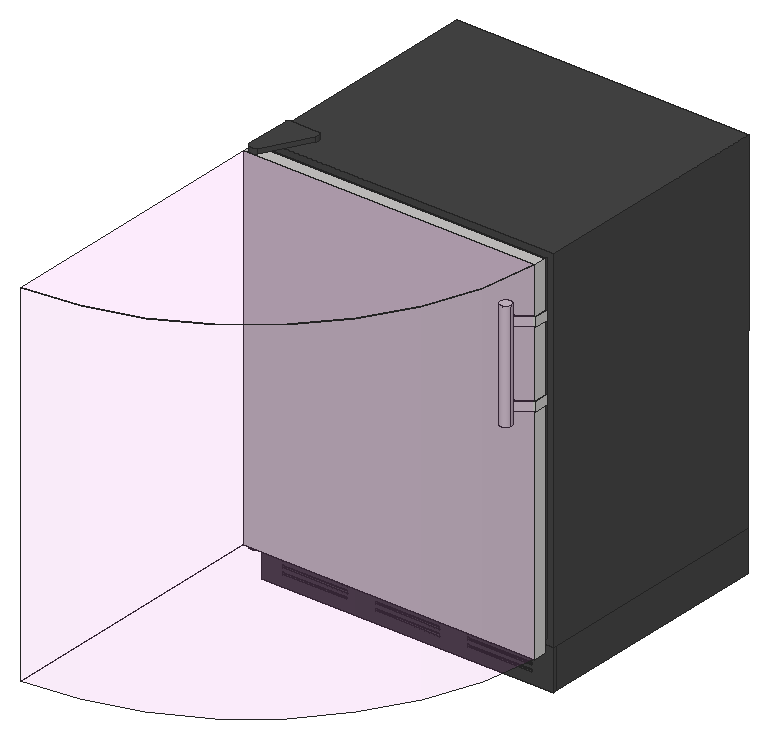
Revit family "QF_Summit_CT66BK2SS_Refrigerator-Freezer", category Specialty Equipment, Revit 2020
Family settings
  Round Connector Dimension = Use Diameter
  Part Type = Normal
  Work Plane-Based = No
  Always vertical = Yes
  Cut with Voids When Loaded = No
  Shared = No
  Room Calculation Point = No
Parameters
  Weight in Pounds = 100
  Watts = Volts * FL Amps  # 138 W
  Volts = 115 V
  URL Cutsheet = ""
  Specification by User = ""
  Specification by Manufacturer = ""
  Show LHD [instance] = yes
  Serial Number = ""
  Seismic Rating = ""
  SMACNA No = ""
  Right Hinged Door [instance] = not(Show LHD)  # no
  Revision Code = ""
  Refrigerant Volume = 0.00 kip
  Refrigerant Type = "R600a"
  Phase = 1
  Number of Poles = 1
  NAFEM Spec ID Number = ""
  Model = "CT66BK2SS"
  Min Ckt Ampacity = 0 A
  Max Overcurrent Protection = 0 A
  Masterspec = ""
  Manufacturer = "Summit"
  Length = 23 5/8"
  Item Number = ""
  Installed By = ""
  Identify Quantity as Lot = yes
  Height = 32.63"
  HP = ""
  Furnished By = ""
  Foodservice Equipment Identifier = yes
  FL Amps = 1.2 A
  Electrical Remarks = ""
  Electric Connection Type = ""
  Elec Conn RI Height = 0"
  Elec Conn Connection Height = 0"
  Description = "Refrigerator-Freezer"
  Depth = 22 3/8"
  Default Elevation = 0"
  Cycle = 60 Hz
  Conn Plug = ""
  Conn Conduit = yes
  CSI MasterFormat = ""
  BTUH = 0.0 Btu/h
  Apparent Power = if(Phase = 3, Volts * FL Amps * 1.73, Volts * FL Amps)  # 138 VA
Reference planes (in)
  plane 1 "BACK": y = 0
  plane 2: z = 0
  plane 3 "LEFT": x = 0
  plane 4 "RIGHT": x = 23.625
  plane 5 "FRONT": y = -22.375
  plane 6 "TOP": z = 32.63
  plane 7 "Center Y": x = 11.8125
  plane 8 "Center X": y = -11.1875
  plane 9: z = 32.255
  plane 10: y = -24
  plane 11: y = -45
  plane 12: y = -0.75
  plane 13: y = -20.5
  plane 14: z = 0.375
  plane 15: z = 3.625
  plane 16: x = 17.46169
Forms (in)
  Extrusion 1, solid, material "QF_Metallic_Paint_Black_Smooth"
    sketch origin (-4.07558, -180, 0.505) x (-1, 0, 0) y (0, -1, 0)
      loop
        line (-4.07558, -179.25) -> (-4.07558, -159.5) -> (-27.70058, -159.5) -> (-27.70058, -179.25) -> (-4.07558, -179.25)
    from 3.12 to 31.75
  Extrusion 2, solid, material "QF_Metal_Stainless_Polished"
    sketch origin (-5.77638, -180, 3.755) x (-1, 0, 0) y (0, -1, 0)
      loop
        line (-5.77638, -157.625) -> (-29.40138, -157.625) -> (-29.40138, -158.625) -> (-5.77638, -158.625) -> (-5.77638, -157.625)
    from -0.13 to 28.5
  Extrusion 3, solid, material "QF_Metallic_Paint_Black_Smooth"
    sketch origin (23.5, -21.375, 3.755) x (-1, 0, 0) y (0, 0, 1)
      loop
        line (0.375, 0.37) -> (23, 0.37) -> (23, 28) -> (0.375, 28) -> (0.375, 0.37)
    from 0 to 0.875
  Extrusion 4, solid, material "QF_Metallic_Paint_Black_Smooth", visible <- "Right Hinged Door"
    sketch origin (-5.77638, -180, 32.255) x (-1, 0, 0) y (0, -1, 0)
      loop
        arc (-29.27619, -161.7403) -> (-29.20297, -161.91708) -> (-29.02619, -161.9903) r 0.25
        line (-29.02619, -161.9903) -> (-26.9149, -161.9903)
        arc (-26.9149, -161.9903) -> (-26.55876, -161.78675) -> (-26.55339, -161.37658) r 0.41333
        line (-26.55339, -161.37658) -> (-28.47012, -157.91871)
        arc (-28.47012, -157.91871) -> (-28.95386, -157.71088) -> (-29.27619, -158.12717) r 0.42999
        line (-29.27619, -158.12717) -> (-29.27619, -161.7403)
    from 0 to 0.375
  Extrusion 5, solid, material "QF_Metal_Stainless_Polished", visible <- "Right Hinged Door"
    sketch origin (-1.6459, -180, 28.57544) x (-1, 0, 0) y (0, -1, 0)
      loop
        line (-1.6459, -158.625) -> (-1.5209, -158.625) -> (-1.5209, -157.55854) -> (-2.72981, -156.74311) -> (-3.38781, -156.74311) -> (-3.38781, -156.86811) -> (-2.76803, -156.86811) -> (-1.6459, -157.625) -> (-1.6459, -158.625)
    from 0 to -0.75
  Extrusion 6, solid, material "QF_Metal_Stainless_Polished", visible <- "Right Hinged Door"
    sketch origin (-4.89398, -180, 20.755) x (-1, 0, 0) y (0, -1, 0)
      loop
        circle (-6.30689, -156.43406) r 0.43516
    from 0 to 8.75
  Extrusion 7, solid, material "QF_Metal_Stainless_Polished", visible <- "Right Hinged Door"
    sketch origin (-1.6459, -180, 21.68456) x (0, 1, 0) y (1, 0, 0)
      loop
        line (158.625, 1.6459) -> (157.625, 1.6459) -> (156.86811, 2.76803) -> (156.86811, 3.38781) -> (156.74311, 3.38781) -> (156.74311, 2.72981) -> (157.55854, 1.5209) -> (158.625, 1.5209) -> (158.625, 1.6459)
    from 0 to -0.75
  Extrusion 8, solid, material "QF_Metallic_Paint_Black_Smooth", visible <- "Right Hinged Door"
    sketch origin (-5.77638, -180, 3.625) x (-1, 0, 0) y (0, -1, 0)
      loop
        line (-29.27619, -159.5) -> (-27.5936, -159.5) -> (-28.47012, -157.91871)
        arc (-28.47012, -157.91871) -> (-28.95386, -157.71088) -> (-29.27619, -158.12717) r 0.42999
        line (-29.27619, -158.12717) -> (-29.27619, -159.5)
    from 0 to -0.125
  Extrusion 9, solid, material "QF_Metallic_Paint_Black_Smooth"
    sketch origin (-12.48311, -20.5, 48.25) x (-1, 0, 0) y (0, 0, 1)
      loop
        line (-12.48311, -44.625) -> (-36.10811, -44.625) -> (-36.10811, -47.875) -> (-12.48311, -47.875) -> (-12.48311, -44.625)
      loop
        line (-14.18872, -45.26011) -> (-19.43872, -45.26011) -> (-19.43872, -45.51011) -> (-14.18872, -45.51011) -> (-14.18872, -45.26011)
      loop
        line (-14.18872, -45.76011) -> (-19.43872, -45.76011) -> (-19.43872, -46.01011) -> (-14.18872, -46.01011) -> (-14.18872, -45.76011)
      loop
        line (-14.18872, -46.26011) -> (-19.43872, -46.26011) -> (-19.43872, -46.51011) -> (-14.18872, -46.51011) -> (-14.18872, -46.26011)
      loop
        line (-14.18872, -46.76011) -> (-19.43872, -46.76011) -> (-19.43872, -47.01011) -> (-14.18872, -47.01011) -> (-14.18872, -46.76011)
      loop
        line (-21.67061, -45.26011) -> (-26.92061, -45.26011) -> (-26.92061, -45.51011) -> (-21.67061, -45.51011) -> (-21.67061, -45.26011)
      loop
        line (-21.67061, -45.76011) -> (-26.92061, -45.76011) -> (-26.92061, -46.01011) -> (-21.67061, -46.01011) -> (-21.67061, -45.76011)
      loop
        line (-21.67061, -46.26011) -> (-26.92061, -46.26011) -> (-26.92061, -46.51011) -> (-21.67061, -46.51011) -> (-21.67061, -46.26011)
      loop
        line (-21.67061, -46.76011) -> (-26.92061, -46.76011) -> (-26.92061, -47.01011) -> (-21.67061, -47.01011) -> (-21.67061, -46.76011)
      loop
        line (-34.40249, -45.26011) -> (-34.40249, -45.51011) -> (-29.15249, -45.51011) -> (-29.15249, -45.26011) -> (-34.40249, -45.26011)
      loop
        line (-34.40249, -45.76011) -> (-34.40249, -46.01011) -> (-29.15249, -46.01011) -> (-29.15249, -45.76011) -> (-34.40249, -45.76011)
      loop
        line (-34.40249, -46.26011) -> (-34.40249, -46.51011) -> (-29.15249, -46.51011) -> (-29.15249, -46.26011) -> (-34.40249, -46.26011)
      loop
        line (-34.40249, -46.76011) -> (-34.40249, -47.01011) -> (-29.15249, -47.01011) -> (-29.15249, -46.76011) -> (-34.40249, -46.76011)
    from 0 to 0.25
  Extrusion 10, solid, material "QF_Metallic_Paint_Black_Smooth"
    sketch origin (-12.48311, -1, 48.38) x (-1, 0, 0) y (0, 0, 1)
      loop
        line (-12.48311, -44.755) -> (-36.10811, -44.755) -> (-36.10811, -48.005) -> (-12.48311, -48.005) -> (-12.48311, -44.755)
    from -19.25 to 0.25
  Extrusion 11, solid, material "QF_Metallic_Paint_Black_Smooth"
    sketch origin (-4.07558, -180, 0.375) x (-1, 0, 0) y (0, -1, 0)
      loop
        circle (-7.18598, -161.5) r 0.5
      loop
        circle (-7.18598, -177.25) r 0.5
      loop
        circle (-24.59018, -161.5) r 0.5
      loop
        circle (-24.59018, -177.25) r 0.5
    from 0 to -0.375
  Extrusion 12, solid, material "QF_Metal_Stainless_Polished"
    sketch origin (0, -0.75, 0.505) x (1, 0, 0) y (0, 0, -1)
      loop
        circle (17.46169, -0.84184) r 0.25
    from 0 to 0.25
  Extrusion 13, solid, material "QF_Metallic_Paint_Black_Smooth"
    sketch origin (0, -0.75, 18.005) x (0, -1, 0) y (1, 0, 0)
      loop
        line (-0.75, 9.30778) -> (0, 9.30778) -> (0, 14.31722) -> (-0.75, 14.31722) -> (-0.75, 9.30778)
    from -3 to 3
  Extrusion 14, solid, material "QF_Clearances_Door_Drawer", visible <- "Right Hinged Door"
    sketch origin (-5.77638, -180, 3.625) x (0, -1, 0) y (-1, 0, 0)
      loop
        line (-157.625, -29.40138) -> (-135, -29.40138)
        arc (-135, -29.40138) -> (-141.73517, -13.2053) -> (-157.625, -5.77638) r 24.27307
        line (-157.625, -5.77638) -> (-157.625, -29.40138)
    from 0 to -28.63
  Extrusion 15, solid, material "QF_Metallic_Paint_Black_Smooth", visible <- "Show LHD"
    sketch origin (29.40138, -180, 32.255) x (1, 0, 0) y (0, 1, 0)
      loop
        line (-29.27619, 161.7403) -> (-29.27619, 158.12717)
        arc (-29.27619, 158.12717) -> (-28.95386, 157.71088) -> (-28.47012, 157.91871) r 0.42999
        line (-28.47012, 157.91871) -> (-26.55339, 161.37658)
        arc (-26.55339, 161.37658) -> (-26.55876, 161.78675) -> (-26.9149, 161.9903) r 0.41333
        line (-26.9149, 161.9903) -> (-29.02619, 161.9903)
        arc (-29.02619, 161.9903) -> (-29.20297, 161.91708) -> (-29.27619, 161.7403) r 0.25
    from 0 to 0.375
  Extrusion 16, solid, material "QF_Metal_Stainless_Polished", visible <- "Show LHD"
    sketch origin (25.2709, -180, 28.57544) x (1, 0, 0) y (0, 1, 0)
      loop
        line (-1.6459, 158.625) -> (-1.6459, 157.625) -> (-2.76803, 156.86811) -> (-3.38781, 156.86811) -> (-3.38781, 156.74311) -> (-2.72981, 156.74311) -> (-1.5209, 157.55854) -> (-1.5209, 158.625) -> (-1.6459, 158.625)
    from 0 to -0.75
  Extrusion 17, solid, material "QF_Metal_Stainless_Polished", visible <- "Show LHD"
    sketch origin (28.51898, -180, 20.755) x (1, 0, 0) y (0, 1, 0)
      loop
        circle (-6.30689, 156.43406) r 0.43516
    from 0 to 8.75
  Extrusion 18, solid, material "QF_Metal_Stainless_Polished", visible <- "Show LHD"
    sketch origin (25.2709, -180, 21.68456) x (0, -1, 0) y (-1, 0, 0)
      loop
        line (-158.625, 1.6459) -> (-158.625, 1.5209) -> (-157.55854, 1.5209) -> (-156.74311, 2.72981) -> (-156.74311, 3.38781) -> (-156.86811, 3.38781) -> (-156.86811, 2.76803) -> (-157.625, 1.6459) -> (-158.625, 1.6459)
    from 0 to -0.75
  Extrusion 19, solid, material "QF_Clearances_Door_Drawer", visible <- "Show LHD"
    sketch origin (29.40138, -180, 3.625) x (0, 1, 0) y (1, 0, 0)
      loop
        line (157.625, -29.40138) -> (157.625, -5.77638)
        arc (157.625, -5.77638) -> (141.73517, -13.2053) -> (135, -29.40138) r 24.27307
        line (135, -29.40138) -> (157.625, -29.40138)
    from 0 to -28.63
  Extrusion 20, solid, material "QF_Metallic_Paint_Black_Smooth", visible <- "Show LHD"
    sketch origin (29.40138, -180, 3.625) x (1, 0, 0) y (0, 1, 0)
      loop
        line (-29.27619, 159.5) -> (-29.27619, 158.12717)
        arc (-29.27619, 158.12717) -> (-28.95386, 157.71088) -> (-28.47012, 157.91871) r 0.42999
        line (-28.47012, 157.91871) -> (-27.5936, 159.5) -> (-29.27619, 159.5)
    from 0 to -0.125
Lines and regions (in)
  symbolic lines
    curve 1: line (0, -0.75, 0) -> (23.625, -0.75, 0)
    curve 2: line (0, -20.5, 0) -> (0, -0.75, 0)
    curve 3: line (23.625, -20.5, 0) -> (23.49982, -20.5, 0)
    curve 4: line (23.625, -0.75, 0) -> (23.625, -20.5, 0)
    curve 5: line (21.81722, -20.5, 0) -> (1.80778, -20.5, 0)
    curve 12: line (23.625, -22.375, 0) -> (0, -22.375, 0)
    curve 14: line (23.625, -21.375, 0) -> (23.49982, -21.375, 0)
    curve 15: line (23.625, -22.375, 0) -> (23.625, -21.375, 0)
    curve 16: line (22.30224, -21.375, 0) -> (1.32276, -21.375, 0)
    curve 28: line (9.30778, -0.75, 0) -> (9.30778, 0, 0)
    curve 29: line (9.30778, 0, 0) -> (14.31722, 0, 0)
    curve 30: line (14.31722, 0, 0) -> (14.31722, -0.75, 0)
    curve 39: line (0.12518, -20.5, 0) -> (0, -20.5, 0)
    curve 41: line (0.12518, -21.375, 0) -> (0, -21.375, 0)
  symbolic lines, visible <- "Right Hinged Door"
    curve 6: line (23.49982, -21.87283, 0) -> (23.49982, -18.2597, 0)
    curve 7: arc (23.49982, -18.2597, 0) -> (23.42659, -18.08292, 0) -> (23.24982, -18.0097, 0) r 0.25
    curve 8: line (23.24982, -18.0097, 0) -> (21.13852, -18.0097, 0)
    curve 9: arc (21.13852, -18.0097, 0) -> (20.78238, -18.21325, 0) -> (20.77701, -18.62342, 0) r 0.41333
    curve 10: line (20.77701, -18.62342, 0) -> (22.69374, -22.08129, 0)
    curve 11: arc (22.69374, -22.08129, 0) -> (23.17748, -22.28912, 0) -> (23.49982, -21.87283, 0) r 0.42999
    curve 17: line (-0.125, -21.375, 0) -> (-0.125, -22.44146, 0)
    curve 18: line (-0.125, -22.44146, 0) -> (1.08391, -23.25689, 0)
    curve 19: arc (0.97776, -23.56594, 0) -> (1.41291, -24.0011, 0) -> (1.84807, -23.56594, 0) r 0.43516
    curve 20: line (1.74192, -23.13189, 0) -> (1.12213, -23.13189, 0)
    curve 21: line (1.12213, -23.13189, 0) -> (0, -22.375, 0)
    curve 22: line (1.74192, -23.25689, 0) -> (1.74192, -23.13189, 0)
    curve 23: arc (1.84807, -23.56594, 0) -> (1.73137, -23.26938, 0) -> (1.44385, -23.13189, 0) r 0.43516
    curve 24: line (1.08391, -23.25689, 0) -> (1.10657, -23.25689, 0)
    curve 25: line (1.71926, -23.25689, 0) -> (1.74192, -23.25689, 0)
    curve 26: arc (1.38198, -23.13189, 0) -> (1.09446, -23.26938, 0) -> (0.97776, -23.56594, 0) r 0.43516
    curve 27: line (0.5, -21.375, 0) -> (0.5, -20.5, 0)
    curve 40: line (1.80778, -20.5, 0) -> (0.12518, -20.5, 0)
    curve 42: line (1.32276, -21.375, 0) -> (0.12518, -21.375, 0)
    curve 46: line (0, -21.375, 0) -> (-0.125, -21.375, 0)
  symbolic lines, visible <- "Show LHD"
    curve 13: line (0, -21.375, 0) -> (0, -22.375, 0)
    curve 33: line (0.12518, -21.87283, 0) -> (0.12518, -18.2597, 0)
    curve 34: arc (0.12518, -18.2597, 0) -> (0.19841, -18.08292, 0) -> (0.37518, -18.0097, 0) r 0.25
    curve 35: line (0.37518, -18.0097, 0) -> (2.48648, -18.0097, 0)
    curve 36: arc (2.48648, -18.0097, 0) -> (2.84262, -18.21325, 0) -> (2.84799, -18.62342, 0) r 0.41333
    curve 37: line (2.84799, -18.62342, 0) -> (0.93126, -22.08129, 0)
    curve 38: arc (0.93126, -22.08129, 0) -> (0.44752, -22.28912, 0) -> (0.12518, -21.87283, 0) r 0.42999
    curve 43: line (23.125, -21.375, 0) -> (23.125, -20.5, 0)
    curve 44: line (21.81722, -20.5, 0) -> (23.49982, -20.5, 0)
    curve 45: line (22.30224, -21.375, 0) -> (23.49982, -21.375, 0)
    curve 47: line (23.75, -21.375, 0) -> (23.75, -22.44146, 0)
    curve 48: line (23.75, -22.44146, 0) -> (22.52744, -23.26609, 0)
    curve 49: arc (22.64724, -23.56594, 0) -> (22.21209, -24.0011, 0) -> (21.77693, -23.56594, 0) r 0.43516
    curve 50: line (21.88308, -23.13189, 0) -> (22.50287, -23.13189, 0)
    curve 51: line (22.50287, -23.13189, 0) -> (23.625, -22.375, 0)
    curve 52: line (21.88308, -23.25689, 0) -> (21.88308, -23.13189, 0)
    curve 53: arc (21.77693, -23.56594, 0) -> (21.89363, -23.26938, 0) -> (22.18115, -23.13189, 0) r 0.43516
    curve 54: arc (22.24302, -23.13189, 0) -> (22.53054, -23.26938, 0) -> (22.64724, -23.56594, 0) r 0.43516
    curve 55: line (23.625, -21.375, 0) -> (23.75, -21.375, 0)
  symbolic lines, style "QF_Clearances_Door_Drawer", visible <- "Right Hinged Door"
    curve 31: line (23.625, -22.375, 0) -> (3.7814, -33.83171, 0)
    curve 32: arc (3.7814, -33.83171, 0) -> (1.19256, -28.41738, 0) -> (0.01125, -22.53337, 0) r 24.27307
  symbolic lines, style "QF_Clearances_Door_Drawer", visible <- "Show LHD"
    curve 56: line (0, -22.375, 0) -> (19.8436, -33.83171, 0)
    curve 57: arc (19.8436, -33.83171, 0) -> (22.43244, -28.41738, 0) -> (23.61375, -22.53337, 0) r 24.27307
Dimensions and locks (in)
  equal spacing: plane 3 "LEFT", plane 7 "Center Y", plane 4 "RIGHT"
  "Length": plane 3 "LEFT" to plane 4 "RIGHT"
  equal spacing: plane 5 "FRONT", plane 8 "Center X", plane 1 "BACK"
  "Depth": plane 5 "FRONT" to plane 1 "BACK"
  "Height": plane 6 "TOP" to level
  plane 4 "RIGHT" to plane 3 "LEFT" = 23 5/8"
  plane 9 to plane 2 = 32.255"
  plane 6 "TOP" to plane 9 = 3/8"
  plane 10 to plane 5 "FRONT" = 1 5/8"
  plane 1 "BACK" to plane 12 = 3/4"
  plane 12 to plane 13 = 19 3/4"
  plane 13 to plane 11 = 24 1/2"
  plane 12 to plane 11 = 44 1/4"
  plane 14 to plane 2 = 3/8"
  locked: plane 15 to plane 14 at 3.25
  plane 9 to plane 14 = 31.88"
  aligned and locked: level to plane 2
Automatic sketch dimensions
  curve 19 to curve 23 = 0"  (x2)
  curve 19 to curve 26 = 0"  (x2)
  curve 23 to curve 26 = 0"  (x2)
  curve 49 to curve 53 = 0"  (x2)
  curve 49 to curve 54 = 0"  (x2)
  curve 53 to curve 54 = 0"  (x2)
  curve 56 to plane 3 "LEFT" = 0"
  curve 2 to plane 3 "LEFT" = 0"
  curve 39 to plane 13 = 0"
  curve 40 to plane 13 = 0"
  curve 5 to plane 13 = 0"
  plane 1 "BACK" to curve 28 = 0"
  curve 28 to plane 12 = 0"
  curve 44 to plane 13 = 0"
  curve 3 to plane 13 = 0"
  curve 51 to plane 4 "RIGHT" = 0"
  curve 1 to plane 4 "RIGHT" = 0"
  plane 5 "FRONT" to curve 13 = 0"
  curve 46 to plane 3 "LEFT" = 1/8"
  curve 57 to plane 13 = 0.23417"
  curve 57 to plane 3 "LEFT" = 0.59255"
  plane 3 "LEFT" to curve 33 = 0.12518"
  curve 33 to curve 34 = 1/4"
  curve 33 to curve 38 = 0.42999"
  curve 37 to plane 5 "FRONT" = 0.29371"
  curve 38 to curve 37 = 0.37608"
  plane 10 to curve 24 = 0.74311"
  plane 3 "LEFT" to curve 24 = 1.08391"
  curve 18 to curve 21 = 0.03822"
  curve 18 to curve 19 = 0.329"
  curve 19 to curve 25 = 0.329"
  curve 35 to curve 35 = 2.1113"
  curve 36 to curve 37 = 0.36151"
  plane 3 "LEFT" to curve 31 = 3.7814"
  curve 28 to plane 7 "Center Y" = 2.50472"
  plane 7 "Center Y" to curve 30 = 2.50472"
  curve 56 to plane 16 = 2.38191"
  plane 4 "RIGHT" to curve 10 = 2.84799"
  curve 9 to curve 9 = 0.36151"
  plane 5 "FRONT" to curve 52 = 0.75689"
  plane 4 "RIGHT" to curve 52 = 1.74192"
  curve 52 to curve 54 = 0.329"
  curve 49 to curve 50 = 0.29079"
  curve 10 to plane 5 "FRONT" = 0.29371"
  plane 4 "RIGHT" to curve 10 = 0.93126"
  curve 10 to curve 11 = 0.37608"
  plane 4 "RIGHT" to curve 7 = 0.37518"
  plane 4 "RIGHT" to curve 6 = 0.12518"
  curve 14 to curve 47 = 1/8"
  curve 32 to plane 13 = 0.23417"
  curve 32 to plane 4 "RIGHT" = 0.59255"
  plane 10 to curve 23 = 0.43406"
  plane 10 to curve 49 = 0.43406"
  curve 31 to plane 10 = 9.83171"
  curve 56 to plane 10 = 9.83171"
  curve 19 to curve 25 = 0.30906"
  curve 24 to curve 20 = 1/8"
  plane 5 "FRONT" to curve 18 = 0.06646"
  plane 5 "FRONT" to curve 47 = 0.06646"
  curve 33 to curve 13 = 0.49783"
  curve 11 to curve 15 = 0.49783"
  plane 13 to curve 37 = 1.87658"
  plane 13 to curve 10 = 1.87658"
  curve 36 to curve 36 = 0.20039"
  curve 9 to curve 9 = 0.20039"
  curve 39 to curve 27 = 0.37482"
  curve 26 to curve 18 = 0.10616"
  curve 38 to curve 42 = 0.3915"
  curve 16 to curve 42 = 0"
  curve 49 to curve 52 = 0.10616"
  curve 45 to curve 16 = 0"
  plane 10 to curve 48 = 0.73391"
  curve 43 to curve 14 = 0.37482"
  curve 52 to curve 50 = 1/8"
  Extrusion 1 sketch curve to plane 4 "RIGHT" = 0"
  Extrusion 1 sketch curve to plane 3 "LEFT" = 0"
  Extrusion 1 sketch curve to plane 12 = 0"
  Extrusion 1 sketch curve to plane 13 = 0"
  Extrusion 2 sketch curve to plane 4 "RIGHT" = 0"
  Extrusion 2 sketch curve to plane 3 "LEFT" = 0"
  plane 5 "FRONT" to Extrusion 2 sketch curve = 0"
  Extrusion 2 sketch curve to plane 13 = 7/8"
  Extrusion 2 to Extrusion 3 sketch curve = 1/2"  (x3)
  Extrusion 3 sketch curve to Extrusion 2 = 1/2"
  Extrusion 4 sketch curve to Extrusion 2 = 0.12518"
  Extrusion 4 sketch curve to Extrusion 4 sketch curve = 1/4"
  Extrusion 4 sketch curve to Extrusion 4 sketch curve = 0.42999"
  Extrusion 4 sketch curve to Extrusion 2 = 0.29371"
  Extrusion 4 sketch curve to Extrusion 4 sketch curve = 0.37608"
  Extrusion 4 sketch curve to Extrusion 4 sketch curve = 2.1113"
  Extrusion 4 sketch curve to Extrusion 4 sketch curve = 0.36151"
  Extrusion 2 to Extrusion 4 sketch curve = 2.75158"
  Extrusion 4 sketch curve to Extrusion 4 sketch curve = 0.20039"
  Extrusion 5 sketch curve to plane 3 "LEFT" = 0"
  plane 5 "FRONT" to Extrusion 5 sketch curve = 0"
  plane 3 "LEFT" to Extrusion 5 sketch curve = 1.08391"
  Extrusion 5 sketch curve to Extrusion 5 sketch curve = 0.03822"
  Extrusion 5 sketch curve to Extrusion 5 sketch curve = 0.61979"
  Extrusion 5 sketch curve to plane 3 "LEFT" = 1/8"
  Extrusion 5 sketch curve to plane 13 = 7/8"
  plane 5 "FRONT" to Extrusion 5 sketch curve = 0.06646"
  plane 5 "FRONT" to Extrusion 5 sketch curve = 0.75689"
  Extrusion 5 sketch curve to Extrusion 5 sketch curve = 1/8"
  plane 10 to Extrusion 6 sketch curve = 0.43406"
  plane 3 "LEFT" to Extrusion 6 sketch curve = 1.41291"
  Extrusion 7 sketch curve to plane 3 "LEFT" = 0"
  plane 5 "FRONT" to Extrusion 7 sketch curve = 0"
  plane 5 "FRONT" to Extrusion 7 sketch curve = 0.06646"
  plane 5 "FRONT" to Extrusion 7 sketch curve = 0.75689"
  Extrusion 7 sketch curve to Extrusion 7 sketch curve = 1/8"
  Extrusion 7 sketch curve to plane 3 "LEFT" = 1/8"
  Extrusion 7 sketch curve to plane 13 = 7/8"
  plane 3 "LEFT" to Extrusion 7 sketch curve = 1.08391"
  Extrusion 7 sketch curve to Extrusion 7 sketch curve = 0.03822"
  Extrusion 7 sketch curve to Extrusion 7 sketch curve = 0.61979"
  Extrusion 8 sketch curve to plane 13 = 0"
  plane 4 "RIGHT" to Extrusion 8 sketch curve = 0.12518"
  Extrusion 8 sketch curve to Extrusion 8 sketch curve = 0.42999"
  Extrusion 8 sketch curve to plane 5 "FRONT" = 0.29371"
  Extrusion 8 sketch curve to Extrusion 8 sketch curve = 0.37608"
  Extrusion 8 sketch curve to Extrusion 8 sketch curve = 1.6826"
  plane 4 "RIGHT" to Extrusion 9 sketch curve = 0"
  Extrusion 9 sketch curve to plane 3 "LEFT" = 0"
  Extrusion 9 sketch curve to plane 14 = 0"
  Extrusion 9 sketch curve to plane 15 = 0"
  plane 4 "RIGHT" to Extrusion 9 sketch curve = 1.70562"
  Extrusion 9 sketch curve to Extrusion 9 sketch curve = 0"  (x18)
  plane 16 to Extrusion 9 sketch curve = 0.79231"
  plane 14 to Extrusion 9 sketch curve = 0.86489"  (x2)
  Extrusion 9 sketch curve to Extrusion 9 sketch curve = 2.23188"  (x2)
  Extrusion 9 sketch curve to plane 15 = 1.13511"
  Extrusion 9 sketch curve to plane 7 "Center Y" = 2 5/8"
  plane 14 to Extrusion 9 sketch curve = 1.11489"
  plane 3 "LEFT" to Extrusion 9 sketch curve = 1.70562"
  Extrusion 9 sketch curve to Extrusion 9 sketch curve = 1/4"  (x20)
  plane 4 "RIGHT" to Extrusion 10 sketch curve = 0"
  Extrusion 10 sketch curve to plane 3 "LEFT" = 0"
  Extrusion 10 sketch curve to plane 14 = 0"
  Extrusion 10 sketch curve to plane 15 = 0"
  Extrusion 11 sketch curve to plane 16 = 3.05291"  (x2)
  plane 3 "LEFT" to Extrusion 11 sketch curve = 3.1104"  (x2)
  Extrusion 11 sketch curve to plane 12 = 2"  (x2)
  plane 13 to Extrusion 11 sketch curve = 2"  (x2)
  Extrusion 12 sketch curve to Extrusion 1 = 2.27816"
  Extrusion 12 sketch curve to Extrusion 1 = 6.16331"
  plane 1 "BACK" to Extrusion 13 sketch curve = 0"
  Extrusion 13 sketch curve to plane 12 = 0"
  Extrusion 13 sketch curve to plane 7 "Center Y" = 2.50472"
  plane 7 "Center Y" to Extrusion 13 sketch curve = 2.50472"
  Extrusion 14 sketch curve to Extrusion 2 = 0"  (x3)
  Extrusion 14 sketch curve to Extrusion 2 = 0.64083"
  Extrusion 14 sketch curve to Extrusion 14 sketch curve = 22 5/8"
  Extrusion 15 sketch curve to Extrusion 2 = 0.12518"
  Extrusion 15 sketch curve to Extrusion 15 sketch curve = 1/4"
  Extrusion 15 sketch curve to Extrusion 15 sketch curve = 0.42999"
  Extrusion 15 sketch curve to Extrusion 2 = 0.29371"
  Extrusion 15 sketch curve to Extrusion 15 sketch curve = 0.37608"
  Extrusion 15 sketch curve to Extrusion 15 sketch curve = 2.1113"
  Extrusion 15 sketch curve to Extrusion 15 sketch curve = 0.36151"
  Extrusion 2 to Extrusion 15 sketch curve = 2.75158"
  Extrusion 15 sketch curve to Extrusion 15 sketch curve = 0.20039"
  Extrusion 16 sketch curve to plane 4 "RIGHT" = 0"
  plane 5 "FRONT" to Extrusion 16 sketch curve = 0"
  plane 4 "RIGHT" to Extrusion 16 sketch curve = 1.08391"
  Extrusion 16 sketch curve to Extrusion 16 sketch curve = 0.03822"
  Extrusion 16 sketch curve to Extrusion 16 sketch curve = 0.61979"
  Extrusion 16 sketch curve to plane 4 "RIGHT" = 1/8"
  plane 5 "FRONT" to Extrusion 16 sketch curve = 0.06646"
  plane 5 "FRONT" to Extrusion 16 sketch curve = 0.75689"
  Extrusion 16 sketch curve to Extrusion 16 sketch curve = 1/8"
  Extrusion 16 sketch curve to plane 13 = 7/8"
  plane 10 to Extrusion 17 sketch curve = 0.43406"
  plane 4 "RIGHT" to Extrusion 17 sketch curve = 1.41291"
  Extrusion 18 sketch curve to plane 4 "RIGHT" = 0"
  plane 5 "FRONT" to Extrusion 18 sketch curve = 0"
  Extrusion 18 sketch curve to plane 4 "RIGHT" = 1/8"
  Extrusion 18 sketch curve to plane 13 = 7/8"
  plane 5 "FRONT" to Extrusion 18 sketch curve = 0.06646"
  plane 5 "FRONT" to Extrusion 18 sketch curve = 0.75689"
  Extrusion 18 sketch curve to Extrusion 18 sketch curve = 1/8"
  plane 4 "RIGHT" to Extrusion 18 sketch curve = 1.08391"
  Extrusion 18 sketch curve to Extrusion 18 sketch curve = 0.03822"
  Extrusion 18 sketch curve to Extrusion 18 sketch curve = 0.61979"
  Extrusion 19 sketch curve to Extrusion 2 = 0"  (x3)
  Extrusion 19 sketch curve to Extrusion 19 sketch curve = 22 5/8"
  Extrusion 19 sketch curve to Extrusion 2 = 0.59255"
  Extrusion 20 sketch curve to plane 13 = 0"
  plane 3 "LEFT" to Extrusion 20 sketch curve = 0.12518"
  Extrusion 20 sketch curve to Extrusion 20 sketch curve = 0.42999"
  Extrusion 20 sketch curve to plane 5 "FRONT" = 0.29371"
  Extrusion 20 sketch curve to Extrusion 20 sketch curve = 0.37608"
  Extrusion 20 sketch curve to Extrusion 20 sketch curve = 1.6826"
  radius of Extrusion 6 sketch curve = 0.43516"
  radius of Extrusion 11 sketch curve = 1/2"  (x4)
  radius of Extrusion 12 sketch curve = 1/4"
  radius of Extrusion 17 sketch curve = 0.43516"
Connectors (in)
  electrical at (17.46169, -0.5, 1.34684), driven by "Volts", driven by "Watts"
    settings: on Extrusion 12, index 2, voltage 115 V, apparent load 138 VA, apparent load phase1 0 VA, apparent load phase2 0 VA, apparent load phase3 0 VA, power factor 1, load classification "Other", number of poles 1, system type 30, power factor state 1, is connector primary yes, connector utility no, sub classification motor no, connector description ""
